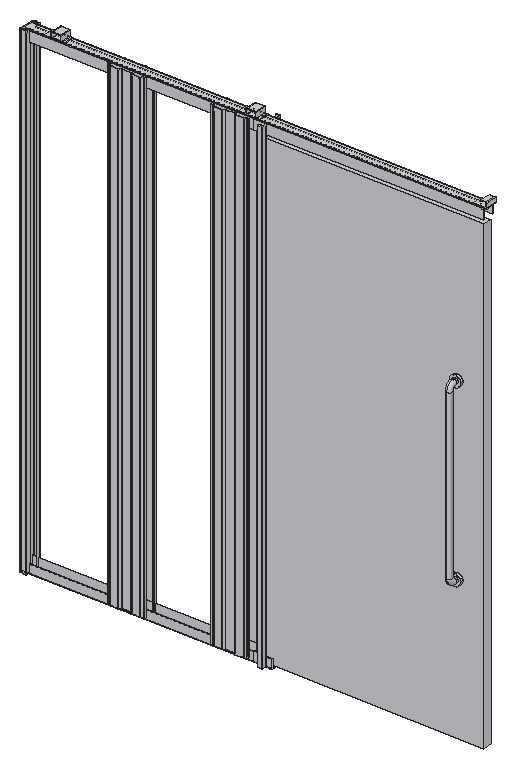
Revit family "BOS-LineaSet-One_Familie", category Türen, Revit 2017 (continued)
Definition of nested family "BOS-Laufkasten-LineaSet-(One)_Modell"
  Definition of nested family "BOS-Bügelanker-eckig_Modell"
    Lines and regions (mm)
      model lines, not visible
        curve 19: arc (-23.887, 0, 25) -> (-23.008, 0, 27.121) -> (-20.887, 0, 28) r 3
        curve 20: arc (18.113, 0, 28) -> (20.235, 0, 27.121) -> (21.113, 0, 25) r 3
    Dimensions and locks
      "Hut": plane 4 to plane 3
      "Laschenlänge vorne": plane 10 to plane 8
      "Ankertiefe vorne": plane 5 to plane 6
      "Ankertiefe hinten": plane 5 to plane 7
      "Ankerhöhe": plane 5 to plane 2
      "Laschenlänge hinten": plane 11 to plane 9
      "Blechstärke": plane 4 to plane 10
      "Blechstärke": plane 11 to plane 3
      equal spacing: plane 4, plane 13, plane 3
      "Ankerbreite": plane 12 to plane 1
      "Blechstärke": plane 14 to plane 7
      "Blechstärke": plane 15 to plane 6
      equal spacing: plane 12, plane 16, plane 1
      aligned and locked: level to plane 2
      aligned and locked: plane 3 to Sweep 1 sketch curve
      aligned and locked: plane 1 to Sweep 1 sketch curve
      aligned and locked: plane 12 to Sweep 1 sketch curve
      aligned and locked: plane 8 to Sweep 1 sketch curve
      aligned and locked: Sweep 1 sketch curve to plane 15
      aligned and locked: Sweep 1 sketch curve to plane 6
      aligned and locked: Sweep 1 sketch curve to plane 10
      aligned and locked: Sweep 1 sketch curve to plane 4
      aligned and locked: Sweep 1 sketch curve to plane 5
      aligned and locked: Sweep 1 sketch curve to plane 3
      aligned and locked: plane 11 to Sweep 1 sketch curve
      aligned and locked: plane 14 to Sweep 1 sketch curve
      aligned and locked: plane 7 to Sweep 1 sketch curve
      aligned and locked: plane 9 to Sweep 1 sketch curve
    Automatic sketch dimensions
      Sweep 1 sketch curve to Sweep 1 sketch curve = 0 mm  (x4)
      profile plane to Sweep 1 sketch curve = 1 mm
      Sweep 1 sketch curve to Sweep 1 sketch curve = 1 mm  (x3)
      Sweep 1 sketch curve to Sweep 1 sketch curve = 0.167 mm
  Definition of nested family "BOS-Montagewinkel-LineaSet-(One)_Modell"
    Parameters (values of type "BOS-Montagewinkel-LineaSet-(One)_Modell")
      Default Elevation = 1219.2 mm
      Material - Zarge = none
      URL = "www.BestOfSteel.de"
      Rechtliche Hinweise = "www.BestOfSteel.de/tools-downloads/bim-building-information-modeling/"
      Manufacturer = "BOS GmbH Best Of Steel, Lütkenfelde 4, D-48282 Emsdetten"
      Einstand = 12.5 mm
      Blechstärke = 2 mm
      Description = "Montagewinkel für LineaSet (One)"
      Keynote = "BOS Modell"
      BOS-Architekten-Beratung = "Tel.: +49 (0) 2572 203-203; E-Mail: architekten@BestOfSteel.de"
      Technische Infos rund um die Stahlzarge = "www.BestOfSteel.de/tools-downloads/technische-infos-rund-um-die-stahlzarge/"
      Winkelarm unten = 62.5 mm
      Winkelarm oben = 25 mm
      Winkelhöhe = 28 mm
      Winkelbreite = 50 mm
    Reference planes
      plane 1: y = 0
      plane 2: z = 0
      plane 3: x = 21.113
      plane 4: z = 28
      plane 5: x = 33.613
      plane 6: x = 8.613
      plane 7: y = 50
      plane 8: x = -28.887
      plane 9: y = 25
    Forms (mm)
      Sweep 1, solid, material <- "Material - Zarge"
        path origin (0, 0, 0) x (1, 0, 0) y (0, 1, 0)
          loop
            line (21.113, 0) -> (21.113, 50)
        profile origin (21.113, 25, 0) x (-1, 0, 0) y (0, 0, 1)
          loop
            line (-12.5, 25) -> (-12.5, 3)
            arc (-12.5, 3) -> (-11.621, 0.879) -> (-9.5, 0) r 3
            line (-9.5, 0) -> (50, 0) -> (50, 2) -> (-9.5, 2)
            arc (-9.5, 2) -> (-10.207, 2.293) -> (-10.5, 3) r 1
            line (-10.5, 3) -> (-10.5, 25)
            arc (-10.5, 25) -> (-10.207, 25.707) -> (-9.5, 26) r 1
            line (-9.5, 26) -> (12.5, 26) -> (12.5, 28) -> (-9.5, 28)
            arc (-9.5, 28) -> (-11.621, 27.121) -> (-12.5, 25) r 3
    Lines and regions (mm)
      model lines, not visible
        curve 1: line (-35.887, 0, -17) -> (-35.887, 0, -15)
        curve 2: line (-35.887, 0, -15) -> (-24.887, 0, -15)
        curve 3: line (-23.887, 0, -14) -> (-23.887, 0, 25)
        curve 4: line (-20.887, 0, 28) -> (18.113, 0, 28)
        curve 5: line (21.113, 0, 25) -> (21.113, 0, -29)
        curve 6: line (22.113, 0, -30) -> (54.113, 0, -30)
        curve 7: line (54.113, 0, -30) -> (54.113, 0, -32)
        curve 8: line (54.113, 0, -32) -> (22.113, 0, -32)
        curve 9: line (-35.887, 0, -17) -> (-24.887, 0, -17)
        curve 10: line (-21.887, 0, -14) -> (-21.887, 0, 25.167)
        curve 11: line (-20.887, 0, 26.167) -> (18.113, 0, 26.167)
        curve 12: line (19.113, 0, 25.167) -> (19.113, 0, -29)
        curve 13: arc (-24.887, 0, -15) -> (-24.18, 0, -14.707) -> (-23.887, 0, -14) r 1
        curve 14: arc (-21.887, 0, 25.167) -> (-21.594, 0, 25.874) -> (-20.887, 0, 26.167) r 1
        curve 15: arc (18.113, 0, 26.167) -> (18.82, 0, 25.874) -> (19.113, 0, 25.167) r 1
        curve 16: arc (21.113, 0, -29) -> (21.406, 0, -29.707) -> (22.113, 0, -30) r 1
        curve 17: arc (-24.887, 0, -17) -> (-22.765, 0, -16.121) -> (-21.887, 0, -14) r 3
        curve 18: arc (19.113, 0, -29) -> (19.992, 0, -31.121) -> (22.113, 0, -32) r 3
        curve 19: arc (-23.887, 0, 25) -> (-23.008, 0, 27.121) -> (-20.887, 0, 28) r 3
        curve 20: arc (18.113, 0, 28) -> (20.235, 0, 27.121) -> (21.113, 0, 25) r 3
    Dimensions and locks
      "Winkelbreite": plane 7 to plane 1
      equal spacing: plane 7, plane 9, plane 1
      "Winkelarm oben": plane 6 to plane 5
      "Winkelarm unten": plane 8 to plane 5
      "Einstand": plane 5 to plane 3
      "Winkelhöhe": plane 4 to plane 2
      aligned and locked: level to plane 2
      aligned and locked: plane 3 to Sweep 1 sketch curve
      aligned and locked: plane 1 to Sweep 1 sketch curve
      aligned and locked: plane 7 to Sweep 1 sketch curve
      aligned and locked: plane 5 to Sweep 1 sketch curve
      aligned and locked: plane 8 to Sweep 1 sketch curve
      aligned and locked: plane 4 to Sweep 1 sketch curve
      aligned and locked: plane 6 to Sweep 1 sketch curve
    Automatic sketch dimensions
      Sweep 1 sketch curve to Sweep 1 sketch curve = 0 mm  (x5)
      Sweep 1 sketch curve to Sweep 1 sketch curve = 1 mm  (x2)
      Sweep 1 sketch curve to Sweep 1 sketch curve = 2 mm
      Sweep 1 sketch curve to level = 0 mm
  Definition of nested family "BOS-Anschraubprofil-LineaSet-(One)_Modell"
    Parameters (values of type "BOS-Anschraubprofil-LineaSet-(One)_Modell")
      Default Elevation = 1219.2 mm
      URL = "www.BestOfSteel.de"
      Rechtliche Hinweise = "www.BestOfSteel.de/tools-downloads/bim-building-information-modeling/"
      Material - Anschraubprofil = none
      Manufacturer = "BOS GmbH Best Of Steel, Lütkenfelde 4, D-48282 Emsdetten"
      Blechstärke = 1.5 mm
      Description = "Anschraubprofil für LineaSet (One)"
      Keynote = "BOS Modell"
      BOS-Architekten-Beratung = "Tel.: +49 (0) 2572 203-203; E-Mail: architekten@BestOfSteel.de"
      Technische Infos rund um die Stahlzarge = "www.BestOfSteel.de/tools-downloads/technische-infos-rund-um-die-stahlzarge/"
    Reference planes
      plane 1: y = 0
      plane 2: z = 0
      plane 3: x = 21.113
      plane 4: z = 28
      plane 5: y = 51.5
      plane 6: y = 103
      plane 7: z = 1.5
    Forms (mm)
      Sweep 1, solid, material <- "Material - Anschraubprofil"
        path origin (0, 0, 0) x (1, 0, 0) y (0, 1, 0)
          loop
            line (21.113, 0) -> (21.113, 103)
        profile origin (21.113, 51.5, 0) x (-1, 0, 0) y (0, 0, 1)
          loop
            line (45.25, -34.5) -> (45.25, -33) -> (29.5, -33)
            arc (29.5, -33) -> (28.793, -32.707) -> (28.5, -32) r 1
            line (28.5, -32) -> (28.5, -1)
            arc (28.5, -1) -> (27.768, 0.768) -> (26, 1.5) r 2.5
            line (26, 1.5) -> (-26, 1.5)
            arc (-26, 1.5) -> (-27.768, 0.768) -> (-28.5, -1) r 2.5
            line (-28.5, -1) -> (-28.5, -32)
            arc (-28.5, -32) -> (-28.793, -32.707) -> (-29.5, -33) r 1
            line (-29.5, -33) -> (-45.25, -33) -> (-45.25, -34.5) -> (-29.5, -34.5)
            arc (-29.5, -34.5) -> (-27.732, -33.768) -> (-27, -32) r 2.5
            line (-27, -32) -> (-27, -1)
            arc (-27, -1) -> (-26.707, -0.293) -> (-26, 0) r 1
            line (-26, 0) -> (26, 0)
            arc (26, 0) -> (26.707, -0.293) -> (27, -1) r 1
            line (27, -1) -> (27, -32)
            arc (27, -32) -> (27.732, -33.768) -> (29.5, -34.5) r 2.5
            line (29.5, -34.5) -> (45.25, -34.5)
      Sweep 2, solid, material <- "Material - Anschraubprofil"
        path origin (0, 0, 0) x (1, 0, 0) y (0, 0, 1)
          loop
            line (21.113, 1.5) -> (21.113, 28)
        profile origin (21.113, 0, 14.75) x (-1, 0, 0) y (0, -1, 0)
          loop
            line (37.5, -76) -> (36, -76) -> (36, -103.5)
            arc (36, -103.5) -> (35.707, -104.207) -> (35, -104.5) r 1
            line (35, -104.5) -> (-35, -104.5)
            arc (-35, -104.5) -> (-35.707, -104.207) -> (-36, -103.5) r 1
            line (-36, -103.5) -> (-36, -76) -> (-37.5, -76) -> (-37.5, -103.5)
            arc (-37.5, -103.5) -> (-36.768, -105.268) -> (-35, -106) r 2.5
            line (-35, -106) -> (35, -106)
            arc (35, -106) -> (36.768, -105.268) -> (37.5, -103.5) r 2.5
            line (37.5, -103.5) -> (37.5, -76)
          loop
            line (37.5, -27) -> (37.5, 0.5)
            arc (37.5, 0.5) -> (36.768, 2.268) -> (35, 3) r 2.5
            line (35, 3) -> (-35, 3)
            arc (-35, 3) -> (-36.768, 2.268) -> (-37.5, 0.5) r 2.5
            line (-37.5, 0.5) -> (-37.5, -27) -> (-36, -27) -> (-36, 0.5)
            arc (-36, 0.5) -> (-35.707, 1.207) -> (-35, 1.5) r 1
            line (-35, 1.5) -> (35, 1.5)
            arc (35, 1.5) -> (35.707, 1.207) -> (36, 0.5) r 1
            line (36, 0.5) -> (36, -27) -> (37.5, -27)
    Lines and regions (mm)
      model lines, not visible
        curve 1: line (-35.887, 0, -17) -> (-35.887, 0, -15)
        curve 2: line (-35.887, 0, -15) -> (-24.887, 0, -15)
        curve 3: line (-23.887, 0, -14) -> (-23.887, 0, 25)
        curve 4: line (-20.887, 0, 28) -> (18.113, 0, 28)
        curve 5: line (21.113, 0, 25) -> (21.113, 0, -29)
        curve 6: line (22.113, 0, -30) -> (54.113, 0, -30)
        curve 7: line (54.113, 0, -30) -> (54.113, 0, -32)
        curve 8: line (54.113, 0, -32) -> (22.113, 0, -32)
        curve 9: line (-35.887, 0, -17) -> (-24.887, 0, -17)
        curve 10: line (-21.887, 0, -14) -> (-21.887, 0, 25.167)
        curve 11: line (-20.887, 0, 26.167) -> (18.113, 0, 26.167)
        curve 12: line (19.113, 0, 25.167) -> (19.113, 0, -29)
        curve 13: arc (-24.887, 0, -15) -> (-24.18, 0, -14.707) -> (-23.887, 0, -14) r 1
        curve 14: arc (-21.887, 0, 25.167) -> (-21.594, 0, 25.874) -> (-20.887, 0, 26.167) r 1
        curve 15: arc (18.113, 0, 26.167) -> (18.82, 0, 25.874) -> (19.113, 0, 25.167) r 1
        curve 16: arc (21.113, 0, -29) -> (21.406, 0, -29.707) -> (22.113, 0, -30) r 1
        curve 17: arc (-24.887, 0, -17) -> (-22.765, 0, -16.121) -> (-21.887, 0, -14) r 3
        curve 18: arc (19.113, 0, -29) -> (19.992, 0, -31.121) -> (22.113, 0, -32) r 3
        curve 19: arc (-23.887, 0, 25) -> (-23.008, 0, 27.121) -> (-20.887, 0, 28) r 3
        curve 20: arc (18.113, 0, 28) -> (20.235, 0, 27.121) -> (21.113, 0, 25) r 3
    Dimensions and locks
      plane 1 to plane 6 = 103 mm
      equal spacing: plane 1, plane 5, plane 6
      plane 4 to plane 2 = 28 mm
      "Blechstärke": plane 7 to plane 2
      aligned and locked: level to plane 2
      aligned and locked: plane 3 to Sweep 1 sketch curve
      aligned and locked: plane 6 to Sweep 1 sketch curve
      aligned and locked: plane 1 to Sweep 1 sketch curve
      aligned and locked: plane 3 to Sweep 2 sketch curve
      aligned and locked: plane 7 to Sweep 2 sketch curve
      aligned and locked: plane 4 to Sweep 2 sketch curve
    Automatic sketch dimensions
      Sweep 1 sketch curve to Sweep 1 sketch curve = 0 mm  (x8)
      Sweep 1 sketch curve to level = 0 mm
      Sweep 1 sketch curve to level = 33 mm
      profile plane to Sweep 1 sketch curve = 45.25 mm
      Sweep 1 sketch curve to Sweep 1 sketch curve = 15.75 mm  (x2)
      Sweep 1 sketch curve to Sweep 1 sketch curve = 1 mm  (x2)
      Sweep 1 sketch curve to level = 1 mm
      Sweep 1 sketch curve to Sweep 1 sketch curve = 1.5 mm
      Sweep 1 sketch curve to profile plane = 26 mm
      Sweep 1 sketch curve to profile plane = 27 mm
      Sweep 1 sketch curve to Sweep 1 sketch curve = 33.5 mm
      Sweep 2 sketch curve to Sweep 2 sketch curve = 0 mm  (x9)
      plane 1 to Sweep 2 sketch curve = 0.5 mm  (x2)
      profile plane to Sweep 2 sketch curve = 37.5 mm  (x2)
      Sweep 2 sketch curve to Sweep 2 sketch curve = 1.5 mm  (x2)
      Sweep 2 sketch curve to Sweep 2 sketch curve = 1 mm  (x3)
      Sweep 2 sketch curve to profile plane = 35 mm  (x2)
      Sweep 2 sketch curve to plane 1 = 27 mm  (x2)
      Sweep 2 sketch curve to Sweep 2 sketch curve = 49 mm  (x2)
      Sweep 2 sketch curve to Sweep 2 sketch curve = 27.5 mm
Definition of nested family "BOS-Führungszapfen-Holz-Glas_Model"
  Parameters (values of type "BOS-Führungszapfen-Holz-Glas_Model")
    Länge = 33 mm
    URL = "www.BestOfSteel.de"
    Rechtliche Hinweise = "www.BestOfSteel.de/tools-downloads/bim-building-information-modeling/"
    Material - Führungszapfen = none
    Holztürblatt = yes
    Manufacturer = "BOS GmbH Best Of Steel, Lütkenfelde 4, D-48282 Emsdetten"
    Glastürblatt = no
    Breite für Holztürblatt = 22 mm
    Breite für Glastürblatt = 21.5 mm
    Description = "Führungszapfen für Holz- oder Glastürblatt"
    Keynote = "BOS Modell"
    BOS-Architekten-Beratung = "Tel.: +49 (0) 2572 203-203, Fax -209; E-Mail: architekten@BestOfSteel.de"
    Technische Infos rund um die Stahlzargen = "www.BestOfSteel.de/tools-downloads/technische-infos-rund-um-die-stahlzarge/"
  Reference planes
    plane 1: y = -116.677
    plane 2: z = 0
    plane 3: x = 500.166
    plane 4: y = -127.677
    plane 5: x = 483.666
    plane 6: x = 516.666
    plane 7: y = -105.677
    plane 8: y = -127.427
    plane 9: y = -105.927
  Forms (mm)
    Extrusion 1, solid, material <- "Material - Führungszapfen", visible <- "Holztürblatt"
      sketch origin (500.166, -5.294, -2.968) x (0, 1, 0) y (0, 0, 1)
        loop
          line (-122.383, 2.968) -> (-100.383, 2.968) -> (-100.383, 7.668) -> (-108.633, 8.438) -> (-108.883, 21.968) -> (-113.883, 21.968) -> (-114.133, 8.438) -> (-122.383, 7.618) -> (-122.383, 2.968)
      from -16.5 to 16.5
    Extrusion 2, solid, material <- "Material - Führungszapfen", visible <- "Glastürblatt"
      sketch origin (500.166, -47.893, -6.394) x (0, 1, 0) y (0, 0, 1)
        loop
          line (-60.784, 10.894) -> (-62.284, 22.894) -> (-64.284, 22.894) -> (-64.284, 18.394) -> (-62.784, 18.394) -> (-62.284, 10.894) -> (-75.284, 10.894) -> (-74.784, 18.394) -> (-73.284, 18.394) -> (-73.284, 22.894) -> (-75.284, 22.894) -> (-76.784, 10.894) -> (-79.534, 10.894) -> (-79.534, 6.394) -> (-58.034, 6.394) -> (-58.034, 10.894) -> (-60.784, 10.894)
      from -16.5 to 16.5
  Dimensions and locks
    Extrusion 1 sketch curve to Extrusion 1 sketch curve = 5.5 mm
    Extrusion 1 sketch curve to Extrusion 1 sketch curve = 8.25 mm  (x2)
    "Länge": plane 5 to plane 6
    equal spacing: plane 5, plane 3, plane 6
    equal spacing: plane 7, plane 1, plane 4
    "Breite für Holztürblatt": plane 7 to plane 4
    "Breite für Glastürblatt": plane 9 to plane 8
    equal spacing: plane 9, plane 1, plane 8
    Extrusion 2 sketch curve to Extrusion 2 sketch curve = 6.25 mm  (x2)
    aligned and locked: level to plane 2
    aligned and locked: Extrusion 1 to plane 4
    aligned and locked: Extrusion 2 to plane 5
    aligned and locked: plane 6 to Extrusion 2
    aligned and locked: plane 9 to Extrusion 2 sketch curve
    aligned and locked: Extrusion 2 sketch curve to plane 2
    aligned and locked: Extrusion 2 sketch curve to plane 8
  Automatic sketch dimensions
    level to Extrusion 1 sketch curve = 0 mm
    level to Extrusion 1 sketch curve = 4.65 mm
    plane 1 to Extrusion 1 sketch curve = 11 mm
    level to Extrusion 1 sketch curve = 5.47 mm  (x2)
    Extrusion 1 sketch curve to Extrusion 1 sketch curve = 0.25 mm
    Extrusion 1 sketch curve to Extrusion 1 sketch curve = 5 mm
    level to Extrusion 1 sketch curve = 4.7 mm
    Extrusion 1 sketch curve to Extrusion 1 sketch curve = 13.53 mm
    level to Extrusion 2 sketch curve = 4.5 mm  (x2)
    Extrusion 2 sketch curve to Extrusion 2 sketch curve = 2.75 mm
    Extrusion 2 sketch curve to Extrusion 2 sketch curve = 2 mm  (x2)
    Extrusion 2 sketch curve to Extrusion 2 sketch curve = 1.5 mm  (x4)
    level to Extrusion 2 sketch curve = 12 mm
    Extrusion 2 sketch curve to Extrusion 2 sketch curve = 0 mm
    Extrusion 2 sketch curve to Extrusion 2 sketch curve = 7.5 mm
    Extrusion 2 sketch curve to Extrusion 2 sketch curve = 4.5 mm  (x2)
    Extrusion 2 sketch curve to Extrusion 2 sketch curve = 0.5 mm
Definition of nested family "BOS-BOS_Modell"
  Parameters (values of type "BOS-BOS_Modell")
    Abstand = 22 mm
  Reference planes
    plane 1: y = -0.827
    plane 2: z = 0
    plane 3: x = 0
    plane 4: x = -22
    plane 5: y = 1.673
    plane 6: y = -3.327
  Dimensions and locks
    "Abstand": plane 4 to plane 3
    plane 5 to plane 6 = 5 mm
    equal spacing: plane 5, plane 1, plane 6
    aligned and locked: level to plane 2
    aligned and locked: plane 1 to text3d elem
    aligned and locked: text3d elem to level
Definition of nested family "BOS-Logo_Modell"
  Parameters (values of type "BOS-Logo_Modell")
    URL = "www.BestOfSteel.de"
    Rechtliche Hinweise = "www.BestOfSteel.de/tools-downloads/bim-building-information-modeling/"
    Description = "BOS Logo"
    Keynote = "BOS Logo"
    BOS-Architekten-Beratung = "Tel.: +49 (0) 2572 203-203; E-Mail: architekten@BestOfSteel.de"
    Technische Infos rund um die Stahlzarge = "www.BestOfSteel.de/tools-downloads/technische-infos-rund-um-die-stahlzarge/"
    Abstand vertikal = 10 mm
    Abstand horizontal = 15 mm
  Reference planes
    plane 1: y = 0
    plane 2: z = 0
    plane 3: x = 0
    plane 4: x = -7
    plane 5: x = 7
    plane 6: y = 8.299
    plane 7: x = 15
    plane 8: y = 4.15
    plane 9: x = -15
    plane 10: y = 14.15
    plane 11: y = -5.85
  Dimensions and locks
    plane 4 to plane 3 to plane 5 = 7 mm, 7 mm
    "Abstand vertikal": plane 11 to plane 8 to plane 10
    plane 6 to plane 8 to plane 1 = 4.15 mm, 4.15 mm
    "Abstand horizontal": plane 9 to plane 3
    "Abstand horizontal": plane 3 to plane 7
    aligned and locked: level to plane 2
Definition of nested family "BOS-Info-Texte_Beschriftung"
  Parameters (values of type "Drehpunkt Warnung")
    Unten = no
    Schwarz = yes
    Rot = no
    Oben = yes
    Info-Text En unten = "Kein Text"
    Info-Text De unten = "Kein Text"
    Info-Text En oben = "The actual pivot point of the door leaf\r\nmay differ from the one illustrated!"
    Englisch unten rot = and(and(Unten, Englisch), Rot)  # no
    Englisch unten schwarz = and(and(Unten, Englisch), Schwarz)  # no
    Englisch oben rot = and(and(Oben, Englisch), Rot)  # no
    Englisch oben schwarz = and(and(Oben, Englisch), Schwarz)  # no
    Info-Text De oben = "Der tatsächliche Drehpunkt des Türblattes\r\nkann von der Darstellung abweichen!"
    Warndreieck = no
    Fehlerkreis = no
    Englisch = no
    Deutsch unten rot = and(and(Unten, Deutsch), Rot)  # no
    Deutsch unten schwarz = and(and(Unten, Deutsch), Schwarz)  # no
    Deutsch oben rot = and(and(Oben, Deutsch), Rot)  # no
    Deutsch oben schwarz = and(and(Oben, Deutsch), Schwarz)  # yes
    Deutsch = not(Englisch)  # yes
    Ausrufezeichen = "!"
  Types (12, lengths in mm): name | Unten | Schwarz | Rot | Oben | Info-Text En unten | Info-Text De unten | Info-Text En oben | Info-Text De oben | Warndreieck | Fehlerkreis | Deutsch unten schwarz | Deutsch oben rot | Deutsch oben schwarz
    Rechtliche Hinweise | no | yes | no | yes | "Kein Text" | "Kein Text" | "In accordance with the protection note according to DIN 34, the ownership and copyrights are reserved!\r\n© 2016 BOS GmbH, Emsdetten, Germany -\r\nObserve the ISO 16016 protective label (see ID data)!\r\n\r\nSubject to technical change!" | "Entsprechend dem Schutzvermerk nach DIN 34 behalten wir uns Eigentum und Urheberrecht vor!\r\n© 2016 BOS GmbH, Emsdetten, Deutschland -\r\nSchutzvermerk ISO 16016 beachten (siehe ID-Daten)!\r\n\r\nTechnische Änderungen vorbehalten!" | no | no | no | no | yes
    Maulweite Fehlermeldung | no | yes | no | yes | "Kein Text" | "Kein Text" | "Check the wall thickness!" | "Wandstärke prüfen!" | no | yes | no | no | yes
    Verstellbereich | no | yes | no | yes | "Kein Text" | "Kein Text" | "Adjustment area from -5 to +15mm,\r\nother adjustment areas possible" | "Verstellbereich von -5 bis +15mm\r\nanderer Verstellbereich möglich" | no | no | no | no | yes
    Verstellbereich wSvdW | no | yes | no | yes | "Kein Text" | "Kein Text" | "Adjustment area in the soffit from -2 to +15mm,\r\nother adjustment areas possible" | "Verstellbereich in der Zargenleibung von -2 bis +15mm\r\nanderer Verstellbereich möglich" | no | no | no | no | yes
    Wandartauswahl 15Nz15Z | no | yes | no | yes | "Kein Text" | "Kein Text" | "Attention for stud walls: underlay from site required!\r\nFor DIN door leaves, select larger structural wall measurements.\r\nFor selection \"stud walls\":\r\nsee 'Features' (remove tick for brick walls)" | "Achtung bei Ständerwerk: bauseitige Unterfütterung erforderlich!\r\nBei DIN-Türblatt Rohbaumaße größer wählen.\r\nFür Auswahl \"Ständerwerk\": \r\nsiehe 'Eigenschaften' (Häkchen entfernen bei Mauerwerk)." | no | no | no | no | yes
    Technische Hinweise | no | yes | no | yes | "Kein Text" | "Kein Text" | "Due to manufacturing reasons this Revit family may not be changed\r\nwithout consulting BOS!\r\n\r\nDo not mirror frames (door list)!\r\nsee ‘Features’: DIN left / DIN right\r\n\r\nThe solid and stud walls or, for example, their profiles,\r\nmust be designed so that they can reliably and sustainably\r\nabsorb the static and dynamic forces resulting\r\nfrom the load on the door element used." | "Diese Revit-Familie darf aus fertigungstechnischen Gründen\r\nnicht ohne Rücksprache mit BOS abgeändert werden!\r\n\r\nZargen nicht spiegeln (Türliste)!\r\nsiehe 'Eigenschaften': DIN links / DIN rechts\r\n\r\nDie Massiv- und Ständerwerkswände bzw. deren Profile\r\nmüssen so ausgebildet sein, dass sie die statischen\r\nund dynamischen Kräfte, welche sich aus der Belastung\r\nder verwendeten Türelements ergeben, zuverlässig\r\nund nachhaltig aufnehmen können." | no | no | no | no | yes
    Drückerhöhe Warnung | yes | yes | no | no | "Please take the handle depth/height and/or DIN opening direction into account" | "Drückertiefen/-höhen und/oder DIN Richtungen beachten/anpassen!" | "Kein Text" | "Kein Text" | yes | no | yes | no | no
    Maulweite-Dehnungsfuge Fehlermeldung | no | yes | no | yes | "Kein Text" | "Kein Text" | "Check the wall thickness and/or expansion joint!" | "Wandstärke und/oder Dehnungsfuge prüfen!" | no | yes | no | no | yes
    Technische Hinweise Norm | no | yes | no | yes | "Kein Text" | "Kein Text" | "Due to manufacturing reasons this Revit family may not be changed\r\nwithout consulting BOS!\r\n\r\nThe solid and stud walls or, for example, their profiles,\r\nmust be designed so that they can reliably and sustainably\r\nabsorb the static and dynamic forces resulting\r\nfrom the load on the door element used." | "Diese Revit-Familie darf aus fertigungstechnischen Gründen\r\nnicht ohne Rücksprache mit BOS abgeändert werden!\r\n\r\nDie Massiv- und Ständerwerkswände bzw. deren Profile\r\nmüssen so ausgebildet sein, dass sie die statischen\r\nund dynamischen Kräfte, welche sich aus der Belastung\r\nder verwendeten Türelements ergeben, zuverlässig\r\nund nachhaltig aufnehmen können." | no | no | no | no | yes
    Maßauswahl | no | no | yes | yes | "Kein Text" | "Kein Text" | "To choose  Rebate Width/Height Measurement, Receiving Opening\r\nsee 'Features'" | "Auswahl von FMB, FMH, MW\r\nunter 'Eigenschaften'" | no | no | no | yes | no
    Rohbaumaß Warnung | no | yes | no | yes | "Kein Text" | "Kein Text" | "For DIN door leaves, select larger structural wall measurements!\r\nWhen changing the architrave widths, the structural measurements change accordingly." | "Bei DIN-Türblatt Rohbaumaße größer wählen!\r\nBei Änderung der Spiegelbreiten, Rohbaumaße beachten." | no | no | no | no | yes
    Drehpunkt Warnung | no | yes | no | yes | "Kein Text" | "Kein Text" | "The actual pivot point of the door leaf\r\nmay differ from the one illustrated!" | "Der tatsächliche Drehpunkt des Türblattes\r\nkann von der Darstellung abweichen!" | no | no | no | no | yes
  Reference planes
    plane 1: y = 0.955
    plane 2: x = 0
  Lines and regions (mm)
    Filled region 1, type "Gefüllter Bereich Gelb", visible <- "Warndreieck"
      outline origin (-7.188, 1.747, 0) x (1, 0, 0) y (0, 1, 0)
        loop
          line (5.951, -3.033) -> (8.413, -3.033) -> (7.182, -0.9) -> (5.951, -3.033)
    Filled region 2, type "Gefüllter Bereich Rot", visible <- "Fehlerkreis"
      outline origin (0, -3.763, 0) x (1, 0, 0) y (0, 1, 0)
        loop
          circle (0, 3.1) r 1.5
        loop
          line (-0.937, 3.486) -> (-0.937, 2.686) -> (1.023, 2.686) -> (1.023, 3.486) -> (-0.937, 3.486)
    Filled region 3, type "Gefüllter Bereich Weiss", visible <- "Fehlerkreis"
      outline origin (-7.014, -2.062, 0) x (1, 0, 0) y (0, 1, 0)
        loop
          line (6.077, 1.785) -> (6.077, 0.985) -> (8.038, 0.985) -> (8.038, 1.785) -> (6.077, 1.785)
  Text (mm)
    label "Info-Text De oben schwarz" at (0.065, 1.415, 0), shows "Info-Text De oben", visible <- "Deutsch oben schwarz"
    label "!" at (0.065, -0.414, 0), shows "Ausrufezeichen", visible <- "Warndreieck"
    label "Info-Text En oben schwarz" at (0.065, 1.415, 0), shows "Info-Text En oben", visible <- "Englisch oben schwarz"
    label "Info-Text De unten schwarz" at (0.218, -2.468, 0), shows "Info-Text De unten", visible <- "Deutsch unten schwarz"
    label "Info-Text En unten schwarz" at (0.065, -2.419, 0), shows "Info-Text En unten", visible <- "Englisch unten schwarz"
    label "Info-Text En oben rot" at (0.065, 1.415, 0), shows "Info-Text En oben", visible <- "Englisch oben rot"
    label "Info-Text En unten rot" at (0.065, -2.419, 0), shows "Info-Text En unten", visible <- "Englisch unten rot"
    label "Info-Text De unten rot" at (0.065, -2.419, 0), shows "Info-Text De unten", visible <- "Deutsch unten rot"
    label "Info-Text De oben rot" at (-0.371, 1.396, 0), shows "Info-Text De oben", visible <- "Deutsch oben rot"
Definition of nested family "BOS-Beplankung-LineaSet-(One)_Detail"
  Parameters (values of type "BOS-Beplankung-LineaSet-(One)_Detail")
    Zweifache Beplankung = MW Maulweite = 125 mm  # yes
    URL = "www.BestOfSteel.de"
    Theoretisches Rohbaumaß Breite = 2084.5 mm
    Rechtliche Hinweise = "www.BestOfSteel.de/tools-downloads/bim-building-information-modeling/"
    MW Maulweite = 125 mm
    LDB Lichte Durchgangs Breite = 936 mm
    Dreifache Beplankung = MW Maulweite = 150 mm  # no
    BOS-Architekten-Beratung = "Tel.: +49 (0) 2572 203-203; E-Mail: architekten@BestOfSteel.de"
    Technische Infos rund um die Stahlzarge = "www.BestOfSteel.de/tools-downloads/technische-infos-rund-um-die-stahlzarge/"
    Manufacturer = "BOS GmbH Best Of Steel, Lütkenfelde 4, D-48282 Emsdetten"
    Description = "Beplankung für LineaSet (One)"
    Keynote = "BOS Detail"
    Abstand = if(Zweifache Beplankung, 20 mm, 0 mm)  # 20 mm
  Reference planes
    plane 1: y = 0
    plane 2: z = 0
    plane 3: x = 27.5
    plane 4: y = 125
    plane 5: x = -440.5
    plane 6: x = 495.5
    plane 7: x = 520.5
    plane 8: x = 570.5
    plane 9: x = -1564
    plane 10: x = 508
    plane 11: y = 89.5
    plane 12: y = 35.5
    plane 13: y = 62.5
    plane 14: y = 25
    plane 15: y = 100
    plane 16: x = -1614
    plane 17: y = 112.5
    plane 18: y = 12.5
    plane 19: x = -465.5
    plane 20: x = -453
    plane 21: x = -485.5
    plane 22: y = 87.5
    plane 23: y = 37.5
    plane 24: x = -590.5
    plane 25: x = 565.5
    plane 26: x = -1634
    plane 27: x = 590.5
    plane 28: y = 100
    plane 29: y = 25
    plane 30: x = -485.5
  Lines and regions (mm)
    detail lines, in view "Ref.-Ebene"
      curve 1: line (-1614, 100, 0) -> (-1569, 100, 0)
      curve 2: line (-1564, 95, 0) -> (-1564, 30, 0)
      curve 3: line (-1614, 27, 0) -> (-1569, 27, 0)
      curve 4: line (-1566, 30, 0) -> (-1566, 95, 0)
      curve 5: line (-1569, 98, 0) -> (-1614, 98, 0)
      curve 6: line (-1614, 98, 0) -> (-1614, 100, 0)
      curve 7: arc (-1569, 98, 0) -> (-1566.879, 97.121, 0) -> (-1566, 95, 0) r 3
      curve 8: arc (-1569, 27, 0) -> (-1566.879, 27.879, 0) -> (-1566, 30, 0) r 3
      curve 9: arc (-1569, 100, 0) -> (-1565.464, 98.536, 0) -> (-1564, 95, 0) r 5
      curve 10: arc (-1569, 25, 0) -> (-1565.464, 26.464, 0) -> (-1564, 30, 0) r 5
      curve 11: line (-1635.5, 125, 0) -> (-440.5, 125, 0)
      curve 12: line (-440.5, 125, 0) -> (-440.5, 89.5, 0)
      curve 13: line (-1634, 0, 0) -> (-440.5, 0, 0)
      curve 14: line (-440.5, 0, 0) -> (-440.5, 35.5, 0)
      curve 15: line (590.5, 125, 0) -> (495.5, 125, 0)
      curve 16: line (495.5, 125, 0) -> (495.5, 89.5, 0)
      curve 17: line (495.5, 89.5, 0) -> (508, 89.5, 0)
      curve 18: line (508, 35.5, 0) -> (495.5, 35.5, 0)
      curve 19: line (495.5, 35.5, 0) -> (495.5, 0, 0)
      curve 20: line (495.5, 0, 0) -> (590.5, 0, 0)
      curve 21: line (570.5, 25, 0) -> (525.5, 25, 0)
      curve 22: line (-440.5, 89.5, 0) -> (-465.5, 89.5, 0)
      curve 23: line (-465.5, 89.5, 0) -> (-465.5, 112.5, 0)
      curve 24: line (-440.5, 35.5, 0) -> (-465.5, 35.5, 0)
      curve 25: line (-465.5, 35.5, 0) -> (-465.5, 12.5, 0)
      curve 26: line (-453, 12.5, 0) -> (-1634, 12.5, 0)
      curve 27: line (-1634, 112.5, 0) -> (-453, 112.5, 0)
      curve 28: line (-453, 112.5, 0) -> (-453, 100, 0)
      curve 29: line (-453, 12.5, 0) -> (-453, 25, 0)
      curve 30: line (520.5, 30, 0) -> (520.5, 95, 0)
      curve 31: line (525.5, 100, 0) -> (570.5, 100, 0)
      curve 32: line (570.5, 100, 0) -> (570.5, 98, 0)
      curve 33: line (570.5, 98, 0) -> (525.5, 98, 0)
      curve 34: line (522.5, 95, 0) -> (522.5, 30, 0)
      curve 35: line (525.5, 27, 0) -> (570.5, 27, 0)
      curve 36: line (570.5, 27, 0) -> (570.5, 25, 0)
      curve 37: arc (520.5, 30, 0) -> (521.964, 26.464, 0) -> (525.5, 25, 0) r 5
      curve 38: arc (520.5, 95, 0) -> (521.964, 98.536, 0) -> (525.5, 100, 0) r 5
      curve 39: arc (522.5, 95, 0) -> (523.379, 97.121, 0) -> (525.5, 98, 0) r 3
      curve 40: arc (522.5, 30, 0) -> (523.379, 27.879, 0) -> (525.5, 27, 0) r 3
      curve 41: line (508, 112.5, 0) -> (508, 12.5, 0)
      curve 42: line (520.5, 112.5, 0) -> (520.5, 12.5, 0)
      curve 43: line (508, 12.5, 0) -> (590.5, 12.5, 0)
      curve 44: line (508, 112.5, 0) -> (590.5, 112.5, 0)
      curve 45: line (520.5, 25, 0) -> (590.5, 25, 0)
      curve 46: line (520.5, 100, 0) -> (590.5, 100, 0)
      curve 51: line (-590.5, 125, 0) -> (-590.5, 112.5, 0)
      curve 52: line (-590.5, 0, 0) -> (-590.5, 12.5, 0)
      curve 53: line (565.5, 125, 0) -> (565.5, 112.5, 0)
      curve 54: line (565.5, 0, 0) -> (565.5, 12.5, 0)
      curve 55: line (-1634, 100, 0) -> (-485.5, 100, 0)
      curve 56: line (-1614, 25, 0) -> (-1569, 25, 0)
      curve 57: line (-1614, 25, 0) -> (-1614, 27, 0)
      curve 58: line (-485.5, 25, 0) -> (-1634, 25, 0)
      curve 59: line (-1564, 25, 0) -> (-1564, 100, 0)
      curve 60: line (-485.5, 100, 0) -> (-485.5, 112.5, 0)
      curve 61: line (-485.5, 25, 0) -> (-485.5, 12.5, 0)
    detail lines, in view "Ref.-Ebene", visible <- "Dreifache Beplankung"
      curve 47: line (-485.5, 100, 0) -> (-485.5, 87.5, 0)
      curve 48: line (-485.5, 37.5, 0) -> (-485.5, 25, 0)
      curve 49: line (-485.5, 87.5, 0) -> (-1564, 87.5, 0)
      curve 50: line (-1564, 37.5, 0) -> (-485.5, 37.5, 0)
  Dimensions and locks
    equal spacing: plane 5, plane 3, plane 6
    "LDB Lichte Durchgangs Breite": plane 5 to plane 6
    "MW Maulweite": plane 4 to plane 1
    plane 7 to plane 8 = 50 mm
    plane 11 to plane 12 = 54 mm
    equal spacing: plane 1, plane 13, plane 4
    equal spacing: plane 11, plane 13, plane 12
    "Theoretisches Rohbaumaß Breite": plane 9 to plane 7
    plane 4 to plane 17 = 12.5 mm
    plane 19 to plane 20 = 12.5 mm
    plane 20 to plane 5 = 12.5 mm
    plane 15 to plane 17 = 12.5 mm
    plane 1 to plane 18 = 12.5 mm
    plane 14 to plane 18 = 12.5 mm
    plane 24 to plane 5 = 150 mm
    plane 6 to plane 10 to plane 7 = 12.5 mm, 12.5 mm
    plane 6 to plane 25 = 70 mm
    plane 14 to plane 23 = 12.5 mm
    plane 22 to plane 15 = 12.5 mm
    plane 26 to plane 16 = 20 mm
    plane 16 to plane 9 = 50 mm
    plane 8 to plane 27 = 20 mm
    plane 28 to plane 11 = 10.5 mm
    plane 12 to plane 29 = 10.5 mm
    plane 21 to plane 19 = 20 mm
    "Abstand": plane 30 to plane 19
    aligned and locked: plane 28 to curve 28
    aligned and locked: plane 29 to curve 29
    aligned and locked: plane 30 to curve 61
    aligned and locked: curve 60 to plane 30
  Automatic sketch dimensions
    curve 7 to curve 9 = 0 mm  (x2)
    curve 8 to curve 10 = 0 mm  (x2)
    curve 37 to curve 40 = 0 mm  (x2)
    curve 38 to curve 39 = 0 mm  (x2)
    curve 11 to plane 4 = 0 mm
    plane 17 to curve 27 = 0 mm
    curve 27 to plane 26 = 0 mm
    curve 55 to plane 15 = 0 mm
    curve 55 to plane 26 = 0 mm
    plane 1 to curve 13 = 0 mm
    curve 13 to plane 26 = 0 mm
    curve 58 to plane 14 = 0 mm
    curve 58 to plane 26 = 0 mm
    curve 26 to plane 18 = 0 mm
    curve 26 to plane 26 = 0 mm
    curve 57 to plane 16 = 0 mm
    curve 5 to plane 16 = 0 mm
    curve 1 to plane 15 = 0 mm
    curve 56 to plane 14 = 0 mm
    curve 59 to plane 9 = 0 mm
    curve 49 to plane 9 = 0 mm
    curve 51 to plane 24 = 0 mm
    curve 52 to plane 24 = 0 mm
    curve 50 to plane 21 = 0 mm
    curve 47 to plane 21 = 0 mm
    curve 22 to plane 11 = 0 mm
    curve 22 to plane 19 = 0 mm
    curve 25 to plane 19 = 0 mm
    curve 29 to plane 20 = 0 mm
    curve 28 to plane 20 = 0 mm
    curve 14 to plane 5 = 0 mm
    curve 12 to plane 5 = 0 mm
    curve 15 to plane 4 = 0 mm
    curve 15 to plane 6 = 0 mm
    curve 18 to plane 6 = 0 mm
    curve 17 to plane 10 = 0 mm
    curve 37 to plane 7 = 0 mm
    curve 30 to plane 7 = 0 mm
    curve 38 to plane 15 = 0 mm
    curve 31 to plane 15 = 0 mm
    curve 21 to plane 14 = 0 mm
    curve 37 to plane 14 = 0 mm
    plane 17 to curve 53 = 0 mm
    curve 53 to plane 25 = 0 mm
    plane 1 to curve 54 = 0 mm
    curve 54 to plane 25 = 0 mm
    curve 36 to plane 8 = 0 mm
    curve 32 to plane 8 = 0 mm
    curve 20 to plane 27 = 0 mm
    curve 45 to plane 27 = 0 mm
    curve 44 to plane 27 = 0 mm
    curve 43 to plane 18 = 0 mm
    curve 43 to plane 27 = 0 mm
    curve 46 to plane 27 = 0 mm
    curve 15 to plane 27 = 0 mm
    curve 18 to plane 12 = 0 mm
    curve 14 to plane 12 = 0 mm
    plane 23 to curve 50 = 0 mm
    plane 22 to curve 49 = 0 mm
    curve 17 to plane 11 = 0 mm
    plane 14 to curve 3 = 2 mm
    curve 3 to curve 4 = 3 mm
    curve 7 to curve 4 = 3 mm
    curve 37 to curve 34 = 2 mm
    curve 34 to curve 40 = 3 mm
    curve 34 to curve 38 = 3 mm
    curve 11 to plane 26 = 1.5 mm
    curve 1 to curve 9 = 0 mm
    curve 56 to curve 10 = 0 mm
    curve 31 to curve 38 = 0 mm
    curve 21 to curve 37 = 0 mm
    curve 30 to curve 37 = 0 mm
    curve 2 to curve 10 = 0 mm
    curve 2 to curve 9 = 0 mm
    curve 30 to curve 38 = 0 mm
Types (4, lengths in mm): name | Material - Türblatt | Bürstendichtung | ALU 100 BOS | ALU 80 BOS | LineaSet One mit ALU 80 BOS Holz | LineaSet One mit ALU 80 BOS Glas | LineaSet One mit ALU 100 BOS Holz | Holztürblatt | Glastürblatt | Türblattstärke | LineaSet One mit ALU 100 BOS Glas | Modell
  LineaSet One mit ALU 80 BOS Holz | none | no | no | yes | yes | no | no | yes | no | 40 | no | "LineaSet One mit ALU 80 BOS Holz"
  LineaSet One mit ALU 100 BOS Holz | none | no | yes | no | no | no | yes | yes | no | 40 | no | "LineaSet One mit ALU 100 BOS Holz"
  LineaSet One mit ALU 100 BOS Glas | Glas | yes | yes | no | no | no | no | no | yes | 8 | yes | "LineaSet One mit ALU 100 BOS Glas"
  LineaSet One mit ALU 80 BOS Glas | Glas | yes | no | yes | no | yes | no | no | yes | 8 | no | "LineaSet One mit ALU 80 BOS Glas"
